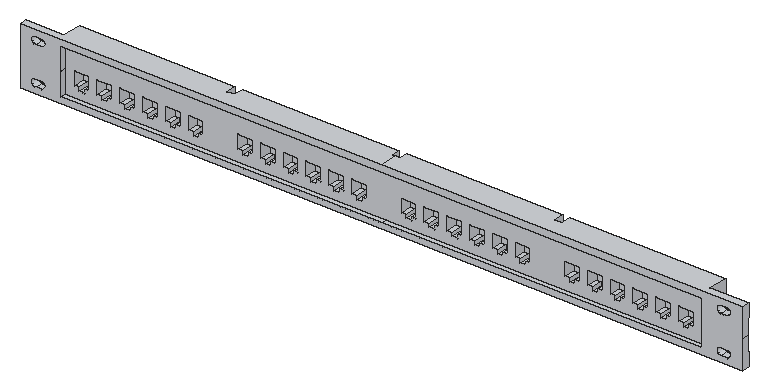
Revit family
Parameters
  Material ID = "760162800"
  Description = "Uniprise 10G 24 Port Patch Panel\r\n"
Reference planes (in)
  plane 1 "Center (Front/Back)": y = 0
  plane 2: z = 0
  plane 3 "Center (Left/Right)": x = 0
Forms (in)
  Extrusion 1, solid
    sketch origin (0, 0, 0) x (1, 0, 0) y (0, 0, 1)
      loop
        line (0, 0.75218) -> (-9.5, 0.75218) -> (-9.5, 0.00218) -> (-9.5, -0.75218) -> (0, -0.75218) -> (9.5, -0.75218) -> (9.5, 0) -> (9.5, 0.75218) -> (0, 0.75218)
    from 0 to 2.5
  Extrusion 2, void, not visible
    sketch origin (0, 0, 0) x (1, 0, 0) y (0, 0, 1)
      loop
        line (-7.85662, 0.48089) -> (-7.85662, -0.39002) -> (-7.67285, -0.39002) -> (-7.67285, -0.64002) -> (-7.0736, -0.64002) -> (-7.0736, -0.39002) -> (-6.92978, -0.39002) -> (-6.92978, 0.48089) -> (-7.85662, 0.48089)
    from -3.79215 to 12
  Extrusion 3, void
    sketch origin (0, 0, -0.23578) x (1, 0, 0) y (0, 0, 1)
      loop
        line (-8.19397, 0.28004) -> (-8.19397, -0.07417) -> (-8.06657, -0.07417) -> (-8.06657, -0.16337) -> (-7.91657, -0.16337) -> (-7.91657, -0.07417) -> (-7.80497, -0.07417) -> (-7.80497, 0.28004) -> (-8.19397, 0.28004)
    from 0.25637 to 5.60437
  Extrusion 4, void, not visible
    sketch origin (0, 0, 0) x (1, 0, 0) y (0, 0, 1)
      loop
        line (-8.21397, 0.42583) -> (-8.21397, -0.07417) -> (-8.08657, -0.07417) -> (-8.08657, -0.27417) -> (-7.83657, -0.27417) -> (-7.83657, -0.07417) -> (-7.72497, -0.07417) -> (-7.72497, 0.42583) -> (-8.21397, 0.42583)
    from 0.74059 to 3.34334
  Extrusion 5, void
    sketch origin (0, 0, 0) x (1, 0, 0) y (0, 0, 1)
      loop
        line (4.40826, 1.75) -> (4.20826, 1.75) -> (4.20826, -1.75) -> (4.40826, -1.75) -> (4.40826, 1.75)
    from 0 to 0.25637
  Extrusion 6, void
    sketch origin (-4.29969, 0, 0) x (1, 0, 0) y (0, 0, 1)
      loop
        line (4.40826, 1.75) -> (4.20826, 1.75) -> (4.20826, -1.75) -> (4.40826, -1.75) -> (4.40826, 1.75)
    from 0 to 0.21551
  Extrusion 7, void
    sketch origin (-8.6195, 0, 0) x (1, 0, 0) y (0, 0, 1)
      loop
        line (4.40826, 1.75) -> (4.20826, 1.75) -> (4.20826, -1.75) -> (4.40826, -1.75) -> (4.40826, 1.75)
    from 0 to 0.25637
  Extrusion 8, void
    sketch origin (0, 0, 0) x (0, 1, 0) y (0, 0, 1)
      loop
        line (-0.69329, 0.92313) -> (-2.87402, 0.92313) -> (-2.80422, -1.07565) -> (-0.69329, -1.07565) -> (-0.69329, 0.92313)
    from -13.91716 to 12
  Extrusion 9, void
    sketch origin (0.6, 0, -0.23578) x (1, 0, 0) y (0, 0, 1)
      loop
        line (-8.19397, 0.28004) -> (-8.19397, -0.07417) -> (-8.06657, -0.07417) -> (-8.06657, -0.16337) -> (-7.91657, -0.16337) -> (-7.91657, -0.07417) -> (-7.80497, -0.07417) -> (-7.80497, 0.28004) -> (-8.19397, 0.28004)
    from 0.25637 to 5.60437
  Extrusion 10, void
    sketch origin (1.2, 0, -0.23578) x (1, 0, 0) y (0, 0, 1)
      loop
        line (-8.19397, 0.28004) -> (-8.19397, -0.07417) -> (-8.06657, -0.07417) -> (-8.06657, -0.16337) -> (-7.91657, -0.16337) -> (-7.91657, -0.07417) -> (-7.80497, -0.07417) -> (-7.80497, 0.28004) -> (-8.19397, 0.28004)
    from 0.25637 to 5.60437
  Extrusion 11, void
    sketch origin (1.8, 0, -0.23578) x (1, 0, 0) y (0, 0, 1)
      loop
        line (-8.19397, 0.28004) -> (-8.19397, -0.07417) -> (-8.06657, -0.07417) -> (-8.06657, -0.16337) -> (-7.91657, -0.16337) -> (-7.91657, -0.07417) -> (-7.80497, -0.07417) -> (-7.80497, 0.28004) -> (-8.19397, 0.28004)
    from 0.25637 to 5.60437
  Extrusion 12, void
    sketch origin (2.4, 0, -0.23578) x (1, 0, 0) y (0, 0, 1)
      loop
        line (-8.19397, 0.28004) -> (-8.19397, -0.07417) -> (-8.06657, -0.07417) -> (-8.06657, -0.16337) -> (-7.91657, -0.16337) -> (-7.91657, -0.07417) -> (-7.80497, -0.07417) -> (-7.80497, 0.28004) -> (-8.19397, 0.28004)
    from 0.25637 to 5.60437
  Extrusion 13, void
    sketch origin (3, 0, -0.23578) x (1, 0, 0) y (0, 0, 1)
      loop
        line (-8.19397, 0.28004) -> (-8.19397, -0.07417) -> (-8.06657, -0.07417) -> (-8.06657, -0.16337) -> (-7.91657, -0.16337) -> (-7.91657, -0.07417) -> (-7.80497, -0.07417) -> (-7.80497, 0.28004) -> (-8.19397, 0.28004)
    from 0.25637 to 5.60437
  Extrusion 14, void, not visible
    sketch origin (0, 0, 0) x (1, 0, 0) y (0, 0, 1)
      loop
        line (-8.19397, 0.28004) -> (-8.19397, -0.07417) -> (-8.06657, -0.07417) -> (-8.06657, -0.16337) -> (-7.91657, -0.16337) -> (-7.91657, -0.07417) -> (-7.80497, -0.07417) -> (-7.80497, 0.28004) -> (-8.19397, 0.28004)
    from 0.25637 to 5.60437
  Extrusion 15, void
    sketch origin (4.3, 0, -0.22391) x (1, 0, 0) y (0, 0, 1)
      loop
        line (-8.19397, 0.28004) -> (-8.19397, -0.07417) -> (-8.06657, -0.07417) -> (-8.06657, -0.16337) -> (-7.91657, -0.16337) -> (-7.91657, -0.07417) -> (-7.80497, -0.07417) -> (-7.80497, 0.28004) -> (-8.19397, 0.28004)
    from 0.25637 to 5.60437
  Extrusion 16, void
    sketch origin (4.9, 0, -0.22391) x (1, 0, 0) y (0, 0, 1)
      loop
        line (-8.19397, 0.28004) -> (-8.19397, -0.07417) -> (-8.06657, -0.07417) -> (-8.06657, -0.16337) -> (-7.91657, -0.16337) -> (-7.91657, -0.07417) -> (-7.80497, -0.07417) -> (-7.80497, 0.28004) -> (-8.19397, 0.28004)
    from 0.25637 to 5.60437
  Extrusion 17, void
    sketch origin (5.5, 0, -0.22391) x (1, 0, 0) y (0, 0, 1)
      loop
        line (-8.19397, 0.28004) -> (-8.19397, -0.07417) -> (-8.06657, -0.07417) -> (-8.06657, -0.16337) -> (-7.91657, -0.16337) -> (-7.91657, -0.07417) -> (-7.80497, -0.07417) -> (-7.80497, 0.28004) -> (-8.19397, 0.28004)
    from 0.25637 to 5.60437
  Extrusion 18, void
    sketch origin (6.1, 0, -0.22391) x (1, 0, 0) y (0, 0, 1)
      loop
        line (-8.19397, 0.28004) -> (-8.19397, -0.07417) -> (-8.06657, -0.07417) -> (-8.06657, -0.16337) -> (-7.91657, -0.16337) -> (-7.91657, -0.07417) -> (-7.80497, -0.07417) -> (-7.80497, 0.28004) -> (-8.19397, 0.28004)
    from 0.25637 to 5.60437
  Extrusion 19, void
    sketch origin (6.7, 0, -0.22391) x (1, 0, 0) y (0, 0, 1)
      loop
        line (-8.19397, 0.28004) -> (-8.19397, -0.07417) -> (-8.06657, -0.07417) -> (-8.06657, -0.16337) -> (-7.91657, -0.16337) -> (-7.91657, -0.07417) -> (-7.80497, -0.07417) -> (-7.80497, 0.28004) -> (-8.19397, 0.28004)
    from 0.25637 to 5.60437
  Extrusion 20, void
    sketch origin (7.3, 0, -0.22391) x (1, 0, 0) y (0, 0, 1)
      loop
        line (-8.19397, 0.28004) -> (-8.19397, -0.07417) -> (-8.06657, -0.07417) -> (-8.06657, -0.16337) -> (-7.91657, -0.16337) -> (-7.91657, -0.07417) -> (-7.80497, -0.07417) -> (-7.80497, 0.28004) -> (-8.19397, 0.28004)
    from 0.25637 to 5.60437
  Extrusion 21, void
    sketch origin (8.6, 0, -0.21204) x (1, 0, 0) y (0, 0, 1)
      loop
        line (-8.19397, 0.28004) -> (-8.19397, -0.07417) -> (-8.06657, -0.07417) -> (-8.06657, -0.16337) -> (-7.91657, -0.16337) -> (-7.91657, -0.07417) -> (-7.80497, -0.07417) -> (-7.80497, 0.28004) -> (-8.19397, 0.28004)
    from 0.25637 to 5.60437
  Extrusion 22, void
    sketch origin (9.2, 0, -0.21204) x (1, 0, 0) y (0, 0, 1)
      loop
        line (-8.19397, 0.28004) -> (-8.19397, -0.07417) -> (-8.06657, -0.07417) -> (-8.06657, -0.16337) -> (-7.91657, -0.16337) -> (-7.91657, -0.07417) -> (-7.80497, -0.07417) -> (-7.80497, 0.28004) -> (-8.19397, 0.28004)
    from 0.25637 to 5.60437
  Extrusion 23, void
    sketch origin (9.8, 0, -0.21204) x (1, 0, 0) y (0, 0, 1)
      loop
        line (-8.19397, 0.28004) -> (-8.19397, -0.07417) -> (-8.06657, -0.07417) -> (-8.06657, -0.16337) -> (-7.91657, -0.16337) -> (-7.91657, -0.07417) -> (-7.80497, -0.07417) -> (-7.80497, 0.28004) -> (-8.19397, 0.28004)
    from 0.25637 to 5.60437
  Extrusion 24, void
    sketch origin (10.4, 0, -0.21204) x (1, 0, 0) y (0, 0, 1)
      loop
        line (-8.19397, 0.28004) -> (-8.19397, -0.07417) -> (-8.06657, -0.07417) -> (-8.06657, -0.16337) -> (-7.91657, -0.16337) -> (-7.91657, -0.07417) -> (-7.80497, -0.07417) -> (-7.80497, 0.28004) -> (-8.19397, 0.28004)
    from 0.25637 to 5.60437
  Extrusion 25, void
    sketch origin (11, 0, -0.21204) x (1, 0, 0) y (0, 0, 1)
      loop
        line (-8.19397, 0.28004) -> (-8.19397, -0.07417) -> (-8.06657, -0.07417) -> (-8.06657, -0.16337) -> (-7.91657, -0.16337) -> (-7.91657, -0.07417) -> (-7.80497, -0.07417) -> (-7.80497, 0.28004) -> (-8.19397, 0.28004)
    from 0.25637 to 5.60437
  Extrusion 26, void
    sketch origin (11.6, 0, -0.21204) x (1, 0, 0) y (0, 0, 1)
      loop
        line (-8.19397, 0.28004) -> (-8.19397, -0.07417) -> (-8.06657, -0.07417) -> (-8.06657, -0.16337) -> (-7.91657, -0.16337) -> (-7.91657, -0.07417) -> (-7.80497, -0.07417) -> (-7.80497, 0.28004) -> (-8.19397, 0.28004)
    from 0.25637 to 5.60437
  Extrusion 27, void
    sketch origin (12.9, 0, -0.20017) x (1, 0, 0) y (0, 0, 1)
      loop
        line (-8.19397, 0.28004) -> (-8.19397, -0.07417) -> (-8.06657, -0.07417) -> (-8.06657, -0.16337) -> (-7.91657, -0.16337) -> (-7.91657, -0.07417) -> (-7.80497, -0.07417) -> (-7.80497, 0.28004) -> (-8.19397, 0.28004)
    from 0.25637 to 5.60437
  Extrusion 28, void
    sketch origin (13.5, 0, -0.20017) x (1, 0, 0) y (0, 0, 1)
      loop
        line (-8.19397, 0.28004) -> (-8.19397, -0.07417) -> (-8.06657, -0.07417) -> (-8.06657, -0.16337) -> (-7.91657, -0.16337) -> (-7.91657, -0.07417) -> (-7.80497, -0.07417) -> (-7.80497, 0.28004) -> (-8.19397, 0.28004)
    from 0.25637 to 5.60437
  Extrusion 29, void
    sketch origin (14.1, 0, -0.20017) x (1, 0, 0) y (0, 0, 1)
      loop
        line (-8.19397, 0.28004) -> (-8.19397, -0.07417) -> (-8.06657, -0.07417) -> (-8.06657, -0.16337) -> (-7.91657, -0.16337) -> (-7.91657, -0.07417) -> (-7.80497, -0.07417) -> (-7.80497, 0.28004) -> (-8.19397, 0.28004)
    from 0.25637 to 5.60437
  Extrusion 30, void
    sketch origin (14.7, 0, -0.20017) x (1, 0, 0) y (0, 0, 1)
      loop
        line (-8.19397, 0.28004) -> (-8.19397, -0.07417) -> (-8.06657, -0.07417) -> (-8.06657, -0.16337) -> (-7.91657, -0.16337) -> (-7.91657, -0.07417) -> (-7.80497, -0.07417) -> (-7.80497, 0.28004) -> (-8.19397, 0.28004)
    from 0.25637 to 5.60437
  Extrusion 31, void
    sketch origin (15.3, 0, -0.20017) x (1, 0, 0) y (0, 0, 1)
      loop
        line (-8.19397, 0.28004) -> (-8.19397, -0.07417) -> (-8.06657, -0.07417) -> (-8.06657, -0.16337) -> (-7.91657, -0.16337) -> (-7.91657, -0.07417) -> (-7.80497, -0.07417) -> (-7.80497, 0.28004) -> (-8.19397, 0.28004)
    from 0.25637 to 5.60437
  Extrusion 32, void
    sketch origin (15.9, 0, -0.20017) x (1, 0, 0) y (0, 0, 1)
      loop
        line (-8.19397, 0.28004) -> (-8.19397, -0.07417) -> (-8.06657, -0.07417) -> (-8.06657, -0.16337) -> (-7.91657, -0.16337) -> (-7.91657, -0.07417) -> (-7.80497, -0.07417) -> (-7.80497, 0.28004) -> (-8.19397, 0.28004)
    from 0.25637 to 5.60437
  Extrusion 33, void
    sketch origin (0, 0, 0) x (1, 0, 0) y (0, 0, 1)
      loop
        line (0, 0.59628) -> (-8.44, 0.59628) -> (-8.44, 0) -> (-8.44, -0.59628) -> (0, -0.59628) -> (8.44, -0.59628) -> (8.44, 0) -> (8.44, 0.59628) -> (0, 0.59628)
    from 0.54506 to 2.05637
  Extrusion 34, void
    sketch origin (0, 0, 0.5) x (1, 0, 0) y (0, 0, 1)
      loop
        arc (-9.09564, 0.1) -> (-9.19564, 0) -> (-9.09564, -0.1) r 0.1
        line (-9.09564, -0.1) -> (-8.93998, -0.1)
        arc (-8.93998, -0.1) -> (-8.83998, 0) -> (-8.93998, 0.1) r 0.1
        line (-8.93998, 0.1) -> (-9.09564, 0.1)
    from 0 to 3.06687
  Extrusion 35, void
    sketch origin (0, 0, -0.5) x (1, 0, 0) y (0, 0, 1)
      loop
        line (-9.09564, -0.1) -> (-8.93998, -0.1)
        arc (-8.93998, -0.1) -> (-8.83998, 0) -> (-8.93998, 0.1) r 0.1
        line (-8.93998, 0.1) -> (-9.09564, 0.1)
        arc (-9.09564, 0.1) -> (-9.19564, 0) -> (-9.09564, -0.1) r 0.1
    from 0 to 3.06687
  Extrusion 36, void
    sketch origin (0, 0, 0.5) x (-1, 0, 0) y (0, 0, -1)
      loop
        line (-9.09564, -0.1) -> (-8.93998, -0.1)
        arc (-8.93998, -0.1) -> (-8.83998, 0) -> (-8.93998, 0.1) r 0.1
        line (-8.93998, 0.1) -> (-9.09564, 0.1)
        arc (-9.09564, 0.1) -> (-9.19564, 0) -> (-9.09564, -0.1) r 0.1
    from 0 to 1.60631
  Extrusion 37, void
    sketch origin (0, 0, -0.5) x (-1, 0, 0) y (0, 0, -1)
      loop
        arc (-9.09564, 0.1) -> (-9.19564, 0) -> (-9.09564, -0.1) r 0.1
        line (-9.09564, -0.1) -> (-8.93998, -0.1)
        arc (-8.93998, -0.1) -> (-8.83998, 0) -> (-8.93998, 0.1) r 0.1
        line (-8.93998, 0.1) -> (-9.09564, 0.1)
    from 0 to 3.48776
  Extrusion 38, void
    sketch origin (0, 0, 0) x (1, 0, 0) y (0, 1, 0)
      loop
        line (9.5, 0) -> (8.5, 0) -> (8.5, -0.5) -> (9.5, -0.5) -> (9.5, 0)
      loop
        line (-8.5, 0) -> (-9.5, 0) -> (-9.5, -0.5) -> (-8.5, -0.5) -> (-8.5, 0)
    from -8.16474 to 12
Cuts and joins
  Extrusion 3, Extrusion 5, Extrusion 6, Extrusion 7, Extrusion 8, Extrusion 9, Extrusion 10, Extrusion 11, Extrusion 12, Extrusion 13, Extrusion 15, Extrusion 16, Extrusion 17, Extrusion 18, Extrusion 19, Extrusion 20, Extrusion 21, Extrusion 22, Extrusion 23, Extrusion 24, Extrusion 25, Extrusion 26, Extrusion 27, Extrusion 28, Extrusion 29, Extrusion 30, Extrusion 31, Extrusion 32, Extrusion 33, Extrusion 34, Extrusion 35, Extrusion 36, Extrusion 37, Extrusion 38 cuts Extrusion 1
Dimensions and locks (in)
  equal spacing: group 3, group 4, group 5, group 6, group 7, group 8  (x3)
  equal spacing: group 11, group 12, group 13, group 14, group 15, group 16  (x3)
  equal spacing: group 9, group 17, group 24, group 31  (x3)
  equal spacing: group 18, group 19, group 20, group 21, group 22, group 23  (x3)
  equal spacing: group 25, group 26, group 27, group 28, group 29, group 30  (x3)
  aligned: level to Extrusion 1 sketch curve
  aligned and locked: plane 3 "Center (Left/Right)" to Extrusion 1 sketch curve
  aligned: plane 3 "Center (Left/Right)" to Extrusion 33 sketch curve
